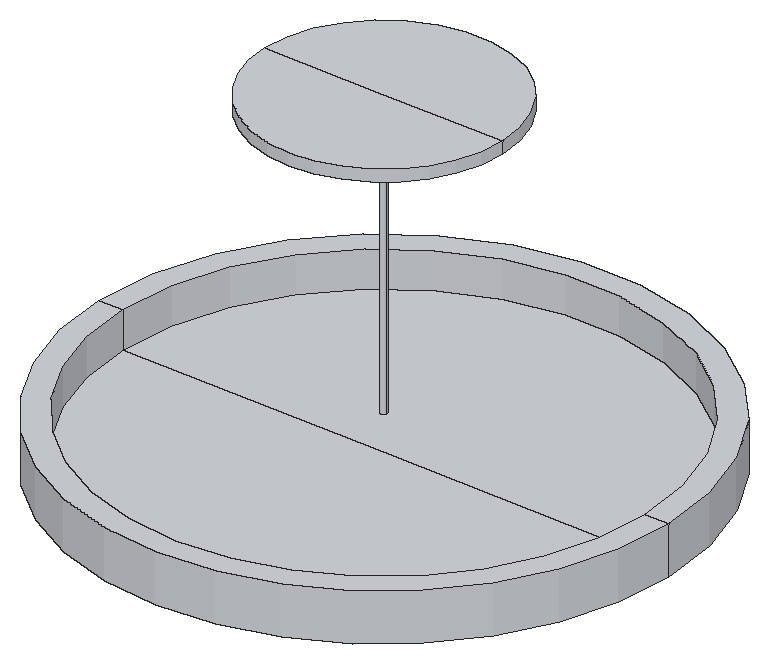
Revit family "Alcon-12182-P-12-Revit-Family", category Lighting Fixtures, host Ceiling, Revit 2021
Family settings
  Host = Ceiling
  Round Connector Dimension = Use Diameter
  Part Type = Normal
  Always vertical = Yes
  Cut with Voids When Loaded = No
  Light Source = Yes
  Shared = No
  Room Calculation Point = No
Parameters
  Wattage = 9.2903 W
  built-in parameter 1150110 = 1 (stored number, unit not read)
  built-in parameter 1114217 = 1 (stored number, unit not read)
  built-in parameter 1150109 = 1 (stored number, unit not read)
  built-in parameter 1150134 = 3
  built-in parameter 1150113 = 1 (stored number, unit not read)
  Product Identity = "Alcon Lighting 12182-S-12"
  Manufacturer = "Alcon Light"
  built-in parameter 1150105 = 439.27 (stored number, unit not read)
  Lumens = 1380 lm
  built-in parameter 1150115 = 1 (stored number, unit not read)
  Link To Product Page = "https://www.alconlighting.com/12182-s-12-disk-round.html"
  Light Source Symbol Size = 1' - 0"
  built-in parameter 1150137 = (empty or 0)
  built-in parameter 1150139 = (empty or 0)
  Lens = none
  built-in parameter 1150112 = 1 (stored number, unit not read)
  built-in parameter 1150114 = 1 (stored number, unit not read)
  built-in parameter 1150132 = (empty or 0)
  built-in parameter 1150102 = (empty or 0)
  built-in parameter 1150107 = 3200 (stored number, unit not read)
  built-in parameter 1150138 = (empty or 0)
  built-in parameter 1150106 = 4.3927 (stored number, unit not read)
  Housing = none
  Height = 0' - 6"
  Emit from Circle Diameter = 1' - 0"
  Emit Shape Visible in Rendering = no
  built-in parameter 1150104 = 13.8 (stored number, unit not read)
  Dimming Lamp Color Temperature Shift = (empty or 0)
  Default Elevation = 0' - 0"
  Color Filter = 16777215
  built-in parameter 1114218 = 1 (stored number, unit not read)
  built-in parameter 1150133 = 10 (stored number, unit not read)
Reference planes (in)
  plane 1 "Center (Front/Back)": y = 0
  plane 2 "Ceiling": z = 96
  plane 3 "Center (Left/Right)": x = 0
Forms (in)
  Revolve 1, solid, material <- "Lens"
    sketch origin (0, 0, -6) x (1, 0, 0) y (0, 0, 1)
      loop
        line (0, 95.25) -> (0, 95) -> (5.5, 95) -> (5.5, 95.25) -> (0, 95.25)
      axis (0, 95) -> (0, 95.25)
    angle from 0 to 360
  Revolve 2, solid, material <- "Housing"
    sketch origin (0, 0, -6) x (1, 0, 0) y (0, 0, 1)
      loop
        line (6, 96) -> (5.5, 96) -> (5.5, 95) -> (6, 95) -> (6, 96)
      axis (0, 95) -> (0, 96)
    angle from 0 to 360
  Revolve 3, solid, material <- "Housing"
    sketch origin (0, 0, 0) x (1, 0, 0) y (0, 0, 1)
      loop
        line (0, 96) -> (0, 90) -> (0.06066, 90) -> (0.06066, 95.37025) -> (0.15257, 95.37025) -> (0.15257, 95.75) -> (2.5, 95.75) -> (2.5, 96) -> (0, 96)
      axis (0, 90) -> (0, 96)
    angle from 0 to 360
Dimensions and locks (in)
  equal spacing: host sketch curve, plane 3 "Center (Left/Right)", host sketch curve
  equal spacing: host sketch curve, plane 1 "Center (Front/Back)", host sketch curve
  host sketch curve to host sketch curve = 10' - 0"  (x2)
  "Height": plane 2 "Ceiling" to Revolve 2
  locked: Revolve 1 sketch curve to Revolve 1 sketch curve at 0.25
  aligned and locked: Revolve 2 to Revolve 3
  aligned and locked: imposter light to Revolve 2
  aligned and locked: Revolve 2 to Revolve 1
Automatic sketch dimensions
  plane 3 "Center (Left/Right)" to Revolve 2 sketch curve = 0' - 5 1/2"
  Revolve 2 sketch curve to Revolve 2 sketch curve = 0' - 0 1/2"
  Revolve 2 sketch curve to plane 2 "Ceiling" = 0' - 7"
  Revolve 2 sketch curve to Revolve 2 sketch curve = 0' - 1"
  Revolve 2 sketch curve to Revolve 2 sketch curve = 0' - 5 1/2"
  Revolve 2 sketch curve to Revolve 2 sketch curve = 0' - 0"
  Revolve 2 sketch curve to Revolve 2 sketch curve = 0' - 0 3/4"
  Revolve 3 sketch curve to plane 2 "Ceiling" = 0' - 0"  (x2)
  Revolve 3 sketch curve to plane 3 "Center (Left/Right)" = 0' - 0"  (x2)
  plane 3 "Center (Left/Right)" to Revolve 3 sketch curve = 0' - 2 1/2"
  plane 3 "Center (Left/Right)" to Revolve 3 sketch curve = 0' - 0.06066"
  Revolve 3 sketch curve to Revolve 3 sketch curve = 0' - 0.09191"
  Revolve 3 sketch curve to plane 2 "Ceiling" = 0' - 0 1/4"
  Revolve 3 sketch curve to Revolve 3 sketch curve = 0' - 0.37975"
  Revolve 3 sketch curve to Revolve 3 sketch curve = 0' - 5.37025"
  Revolve 3 sketch curve to Revolve 3 sketch curve = 0' - 0 1/2"
  plane 3 "Center (Left/Right)" to Revolve 1 sketch curve = 0' - 0"
  plane 3 "Center (Left/Right)" to Revolve 1 sketch curve = 0' - 5 1/2"
  Revolve 1 sketch curve to plane 2 "Ceiling" = 0' - 7"
  Revolve 1 sketch curve to Revolve 1 sketch curve = 0' - 0"
  Revolve 1 sketch curve to Revolve 1 sketch curve = 0' - 2 1/4"
  Revolve 1 sketch curve to Revolve 1 sketch curve = 0' - 0 3/4"
